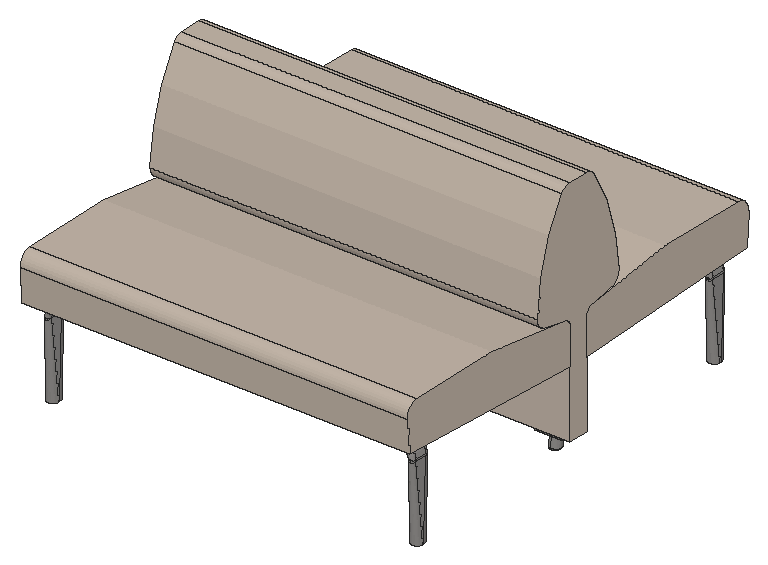
Revit family "FU_Modular_Sandler_Ambit 1065", category Furniture, Revit 2020
Family settings
  OmniClass Number = 23.40.20.00
  OmniClass Title = General Furniture and Specialties
  Work Plane-Based = No
  Always vertical = Yes
  Cut with Voids When Loaded = No
  Shared = No
  Room Calculation Point = No
Parameters (values of type "Ambit 1065")
  Width = 1200 mm
  URL = "https://www.sandlerseating.com/product/ambit-1065/"
  Seat [instance] = Fabric - Gravity - Wheat CPC21
  Model = "Ambit 1065"
  Manufacturer = "Sandler"
  Height = 770 mm
  Frame [instance] = Metal - Paint -AL VR - Pewter
  Description = "Modular seating system. Upholstered seat and back, with feet in cast aluminium."
  Depth = 1320 mm
  Default Elevation = 0 mm
  Back [instance] = Fabric - Gravity - Wheat CPC21
Reference planes
  plane 1 "Center (Front/Back)": y = 0
  plane 2: z = 0
  plane 3 "Center (Left/Right)": x = 0
  plane 4 "Right": x = -600
  plane 5 "Left": x = 600
  plane 6 "Back": y = 660
  plane 7 "Front": y = -660
  plane 8 "Height": z = 770
  plane 9 "Seat height": z = 430
Dimensions and locks
  equal spacing: plane 4 "Right", plane 3 "Center (Left/Right)", plane 5 "Left"
  "Width": plane 4 "Right" to plane 5 "Left"
  equal spacing: plane 6 "Back", plane 1 "Center (Front/Back)", plane 7 "Front"
  "Depth": plane 6 "Back" to plane 7 "Front"
  "Height": plane 8 "Height" to level
  plane 9 "Seat height" to level = 430 mm
  aligned and locked: level to plane 2
Nested families
  nested 1: "Ambit DoubleBack" at (0, 0, 0), Back <- "Back", Frame <- "Frame", type "1200mm Double Back"
    with Frame Metal - Paint -AL VR - Pewter, Back Fabric - Gravity - Wheat CPC21
  nested 2: "Ambit Seat" at (0, -310, 0), Frame <- "Frame", Seat <- "Seat", type "Seat 1200mm"
    with Seat Fabric - Gravity - Wheat CPC21, Frame Metal - Paint -AL VR - Pewter
  nested 3: "Ambit Seat" at (0, 310, 0), Frame <- "Frame", Seat <- "Seat", type "Seat 1200mm"
    with Seat Fabric - Gravity - Wheat CPC21, Frame Metal - Paint -AL VR - Pewter
Definition of nested family "Ambit DoubleBack"
  Parameters (values of type "1200mm Double Back")
    Width = 1200 mm
    Height = 770 mm
    Frame [instance] = none
    Depth = 320 mm
    Default Elevation = 0 mm
    Back [instance] = none
  Types (3, lengths in mm): name | Width
    (no name) | 1200
    800mm Double Back | 800
    1200mm Double Back | 1200
  Reference planes
    plane 1 "Center (Front/Back)": y = 0
    plane 2: z = 0
    plane 3 "Center (Left/Right)": x = 0
    plane 4 "Right": x = -600
    plane 5 "Left": x = 600
    plane 6 "Back": y = 160
    plane 7 "Front": y = -160
    plane 8 "Height": z = 770
    plane 9 "Seat height": z = 430
    plane 10 "Back Foot Right": x = -530.534
    plane 11 "Back Foot Left": x = 530.534
  Forms (mm)
    Revolve 1, solid, material <- "Frame"
      sketch origin (-530.534, 0, 0) x (0, 0, 1) y (0, -1, 0)
        loop
          line (40.637, 14.262) -> (2.1, 17.115)
          arc (2.1, 17.115) -> (0.817, 16.784) -> (0, 15.742) r 2.065
          line (0, 15.742) -> (0, -0.276) -> (48.022, -0.276) -> (48.022, 19.244) -> (46.076, 19.244)
          arc (46.076, 19.244) -> (44.432, 15.579) -> (40.637, 14.262) r 5.065
        axis (48.022, -0.276) -> (0, -0.276)
      angle from 0 to 360
    Extrusion 2, solid, material <- "Frame"
      sketch origin (-0.482, -318.685, 51.603) x (0, -1, 0) y (1, 0, 0)
        loop
          arc (-347.852, 490.046) -> (-347.258, 488.613) -> (-345.824, 488.019) r 2.027
          line (-345.824, 488.019) -> (-291.875, 488.019)
          arc (-291.875, 488.019) -> (-290.444, 488.611) -> (-289.852, 490.042) r 2.023
          line (-289.852, 490.042) -> (-289.852, 572.037)
          arc (-289.852, 572.037) -> (-290.431, 573.436) -> (-291.83, 574.016) r 1.978
          line (-291.83, 574.016) -> (-345.837, 574.016)
          arc (-345.837, 574.016) -> (-347.262, 573.426) -> (-347.852, 572.001) r 2.015
          line (-347.852, 572.001) -> (-347.852, 490.046)
      from -5.528 to 0
    Revolve 3, solid, material <- "Frame"
      sketch origin (530.534, 0, 0) x (0, 0, 1) y (0, -1, 0)
        loop
          line (40.637, 14.262) -> (2.1, 17.115)
          arc (2.1, 17.115) -> (0.817, 16.784) -> (0, 15.742) r 2.065
          line (0, 15.742) -> (0, -0.276) -> (48.022, -0.276) -> (48.022, 19.244) -> (46.076, 19.244)
          arc (46.076, 19.244) -> (44.432, 15.579) -> (40.637, 14.262) r 5.065
        axis (48.022, -0.276) -> (0, -0.276)
      angle from 0 to 360
    Extrusion 4, solid, material <- "Frame"
      sketch origin (0.482, -318.685, 51.603) x (0, -1, 0) y (1, 0, 0)
        loop
          line (-347.852, -490.046) -> (-347.852, -572.001)
          arc (-347.852, -572.001) -> (-347.262, -573.426) -> (-345.837, -574.016) r 2.015
          line (-345.837, -574.016) -> (-291.83, -574.016)
          arc (-291.83, -574.016) -> (-290.431, -573.436) -> (-289.852, -572.037) r 1.978
          line (-289.852, -572.037) -> (-289.852, -490.042)
          arc (-289.852, -490.042) -> (-290.444, -488.611) -> (-291.875, -488.019) r 2.023
          line (-291.875, -488.019) -> (-345.824, -488.019)
          arc (-345.824, -488.019) -> (-347.258, -488.613) -> (-347.852, -490.046) r 2.027
      from -5.528 to 0
    Extrusion 5, solid, material <- "Back"
      sketch origin (0, 0, 0) x (0, 1, 0) y (0, 0, 1)
        loop
          line (-33, 51.603) -> (33, 51.603) -> (33, 376.265)
          arc (33, 376.265) -> (37.75, 387.916) -> (48.518, 394.425) r 20
          arc (48.518, 394.425) -> (88.097, 402.963) -> (127.858, 410.609) r 1800.168
          arc (127.858, 410.609) -> (148.84, 423.03) -> (156.619, 446.139) r 35
          arc (156.619, 446.139) -> (130.105, 606.219) -> (62.425, 753.69) r 611.524
          arc (62.425, 753.69) -> (49.728, 765.652) -> (32.833, 770) r 35
          line (32.833, 770) -> (-32.833, 770)
          arc (-32.833, 770) -> (-49.728, 765.652) -> (-62.425, 753.69) r 35
          arc (-62.425, 753.69) -> (-130.105, 606.219) -> (-156.619, 446.139) r 611.524
          arc (-156.619, 446.139) -> (-148.84, 423.03) -> (-127.858, 410.609) r 35
          arc (-127.858, 410.609) -> (-88.097, 402.963) -> (-48.518, 394.425) r 1800.168
          arc (-48.518, 394.425) -> (-37.75, 387.916) -> (-33, 376.265) r 20
          line (-33, 376.265) -> (-33, 51.603)
      from -600 to 600
  Dimensions and locks
    equal spacing: plane 4 "Right", plane 3 "Center (Left/Right)", plane 5 "Left"
    "Width": plane 4 "Right" to plane 5 "Left"
    equal spacing: plane 6 "Back", plane 1 "Center (Front/Back)", plane 7 "Front"
    "Depth": plane 6 "Back" to plane 7 "Front"
    "Height": plane 8 "Height" to level
    plane 9 "Seat height" to level = 430 mm
    locked: plane 4 "Right" to plane 10 "Back Foot Right" at 69.466
    locked: plane 11 "Back Foot Left" to plane 5 "Left" at 69.466
    aligned and locked: level to plane 2
    aligned and locked: plane 4 "Right" to Extrusion 5
    aligned and locked: Extrusion 5 to plane 5 "Left"
  Automatic sketch dimensions
    plane 5 "Left" to Extrusion 2 sketch curve = 110.435 mm
    Extrusion 2 sketch curve to plane 6 "Back" = 130.833 mm
    Extrusion 2 sketch curve to Extrusion 2 sketch curve = 2.015 mm
    Extrusion 2 sketch curve to Extrusion 2 sketch curve = 2.027 mm
    Extrusion 2 sketch curve to Extrusion 2 sketch curve = 53.95 mm
    Extrusion 2 sketch curve to Extrusion 2 sketch curve = 54.007 mm
    Extrusion 2 sketch curve to Extrusion 2 sketch curve = 2.023 mm
    plane 5 "Left" to Extrusion 2 sketch curve = 28.481 mm
    Extrusion 4 sketch curve to plane 4 "Right" = 110.435 mm
    Extrusion 4 sketch curve to plane 6 "Back" = 130.833 mm
    Extrusion 4 sketch curve to Extrusion 4 sketch curve = 2.015 mm
    Extrusion 4 sketch curve to Extrusion 4 sketch curve = 2.027 mm
    Extrusion 4 sketch curve to Extrusion 4 sketch curve = 53.95 mm
    Extrusion 4 sketch curve to Extrusion 4 sketch curve = 54.007 mm
    Extrusion 4 sketch curve to Extrusion 4 sketch curve = 2.023 mm
    Extrusion 4 sketch curve to plane 4 "Right" = 28.481 mm
    Extrusion 5 sketch curve to plane 8 "Height" = 0 mm
    Extrusion 5 sketch curve to plane 7 "Front" = 287.893 mm
    Extrusion 5 sketch curve to plane 9 "Seat height" = 2.863 mm  (x2)
    Extrusion 5 sketch curve to plane 7 "Front" = 294.609 mm
    plane 9 "Seat height" to Extrusion 5 sketch curve = 15.052 mm  (x2)
    plane 7 "Front" to Extrusion 5 sketch curve = 38.364 mm
    plane 1 "Center (Front/Back)" to Extrusion 5 sketch curve = 52.955 mm
    plane 1 "Center (Front/Back)" to Extrusion 5 sketch curve = 33 mm
    plane 1 "Center (Front/Back)" to Extrusion 5 sketch curve = 32.833 mm
    Extrusion 5 sketch curve to plane 1 "Center (Front/Back)" = 32.833 mm
    Extrusion 5 sketch curve to plane 1 "Center (Front/Back)" = 33 mm
    Extrusion 5 sketch curve to Extrusion 5 sketch curve = 19.955 mm
    Extrusion 5 sketch curve to plane 6 "Back" = 38.364 mm
    plane 6 "Back" to Extrusion 5 sketch curve = 294.609 mm
    plane 6 "Back" to Extrusion 5 sketch curve = 287.893 mm
    Extrusion 5 sketch curve to plane 9 "Seat height" = 53.735 mm  (x2)
    Extrusion 5 sketch curve to Extrusion 5 sketch curve = 1.342 mm  (x2)
    level to Extrusion 5 sketch curve = 51.603 mm
    Extrusion 5 sketch curve to level = 1360.883 mm
    Extrusion 5 sketch curve to Extrusion 5 sketch curve = 0 mm  (x6)
    Extrusion 5 sketch curve to Extrusion 5 sketch curve = 35 mm  (x2)
    plane 7 "Front" to Extrusion 5 sketch curve = 3.381 mm
    Revolve 3 sketch curve to level = 0 mm
    Revolve 3 sketch curve to level = 1.947 mm
    Revolve 3 sketch curve to Revolve 3 sketch curve = 0.152 mm
    Revolve 3 sketch curve to plane 1 "Center (Front/Back)" = 14.262 mm
    Revolve 3 sketch curve to Revolve 3 sketch curve = 38.537 mm
    Revolve 3 sketch curve to Revolve 3 sketch curve = 0.374 mm
    Revolve 3 sketch curve to Revolve 3 sketch curve = 5.064 mm
    plane 1 "Center (Front/Back)" to Revolve 3 sketch curve = 0.276 mm  (x2)
    Revolve 3 sketch curve to Revolve 3 sketch curve = 7.385 mm
    Revolve 3 sketch curve to plane 1 "Center (Front/Back)" = 15.056 mm
    Revolve 3 sketch curve to Revolve 3 sketch curve = 0.686 mm
    Revolve 3 sketch curve to Revolve 3 sketch curve = 4.982 mm
    level to Revolve 3 sketch curve = 4.899 mm
    Revolve 3 sketch curve to Revolve 3 sketch curve = 5 mm
    Revolve 1 sketch curve to level = 0 mm
    level to Revolve 1 sketch curve = 1.947 mm
    Revolve 1 sketch curve to Revolve 1 sketch curve = 0.152 mm
    plane 1 "Center (Front/Back)" to Revolve 1 sketch curve = 14.262 mm
    Revolve 1 sketch curve to Revolve 1 sketch curve = 38.537 mm
    Revolve 1 sketch curve to Revolve 1 sketch curve = 0.374 mm
    Revolve 1 sketch curve to Revolve 1 sketch curve = 5.064 mm
    Revolve 1 sketch curve to plane 1 "Center (Front/Back)" = 0.276 mm  (x2)
    Revolve 1 sketch curve to Revolve 1 sketch curve = 7.385 mm
    plane 1 "Center (Front/Back)" to Revolve 1 sketch curve = 15.056 mm
    Revolve 1 sketch curve to Revolve 1 sketch curve = 0.686 mm
    Revolve 1 sketch curve to Revolve 1 sketch curve = 4.982 mm
    Revolve 1 sketch curve to level = 4.899 mm
    Revolve 1 sketch curve to Revolve 1 sketch curve = 5 mm
Definition of nested family "Ambit Seat"
  Parameters (values of type "Seat 800mm")
    Width = 800 mm
    URL = ""
    Seat [instance] = none
    Model = ""
    Manufacturer = ""
    Height = 770 mm
    Frame [instance] = none
    Description = "Modular seating system."
    Depth = 700 mm
    Default Elevation = 0 mm
  Types (3, lengths in mm): name | Width
    (no name) | 800
    Seat 800mm | 800
    Seat 1200mm | 1200
  Reference planes
    plane 1 "Center (Front/Back)": y = 0
    plane 2: z = 0
    plane 3 "Center (Left/Right)": x = 0
    plane 4 "Right": x = -400
    plane 5 "Left": x = 400
    plane 6 "Back": y = 350
    plane 7 "Front": y = -350
    plane 8 "Height": z = 770
    plane 9 "Seat height": z = 430
    plane 10 "FFT C RIGHT": z = 285.404
    plane 11 "Frame Left": x = -364
    plane 12 "Frame Right": x = 364
  Forms (mm)
    SweptBlend 1, solid, material <- "Frame"
      path origin (0, -265.648, 0) x (0, 0, -1) y (1, 0, 0)
        loop
          line (0, 364.075) -> (-239.72, 364.075)
      profile "Pro_Ambit_FFoot : Pro_Ambit_FFoot" origin (364.075, -265.648, 0) x (-1, 0, 0) y (0, -1, 0)
        loop
          arc (17.452, 3.305) -> (0, 20.142) -> (-17.452, 3.305) r 17.463
          line (-17.452, 3.305) -> (-17.452, -3.305)
          arc (-17.452, -3.305) -> (0, -20.142) -> (17.452, -3.305) r 17.463
          line (17.452, -3.305) -> (17.452, 3.305)
      end profile "Pro_Ambit_FF : Pro_Ambit_FF" origin (364.075, -265.648, 239.72) x (-1, 0, 0) y (0, -1, 0)
        loop
          arc (-10, -20.066) -> (0, -30.066) -> (10, -20.066) r 10
          line (10, -20.066) -> (10, 20.066)
          arc (10, 20.066) -> (0, 30.066) -> (-10, 20.066) r 10
          line (-10, 20.066) -> (-10, -20.066)
    Sweep 2, solid, material <- "Frame"
      path origin (0, -265.648, 0) x (0, 0, -1) y (1, 0, 0)
        loop
          line (-234.72, -364.14) -> (-239.72, -364.14)
          arc (-239.72, -364.14) -> (-272.419, -345.952) -> (-285.404, -310.86) r 53.912
          line (-285.404, -310.86) -> (-285.404, 310.86)
          arc (-285.404, 310.86) -> (-272.419, 345.952) -> (-239.72, 364.14) r 53.912
          line (-239.72, 364.14) -> (-234.72, 364.14)
      profile "Pro_Ambit_FF : Pro_Ambit_FF" origin (0, -265.648, 285.404) x (0, 0, 1) y (0, -1, 0)
        loop
          arc (-10, -20.066) -> (0, -30.066) -> (10, -20.066) r 10
          line (10, -20.066) -> (10, 20.066)
          arc (10, 20.066) -> (0, 30.066) -> (-10, 20.066) r 10
          line (-10, 20.066) -> (-10, -20.066)
    SweptBlend 3, solid, material <- "Frame"
      path origin (0, -265.648, 0) x (0, 0, -1) y (-1, 0, 0)
        loop
          line (0, 364.075) -> (-239.72, 364.075)
      profile "Pro_Ambit_FFoot : Pro_Ambit_FFoot" origin (-364.075, -265.648, 0) x (-1, 0, 0) y (0, -1, 0)
        loop
          line (-17.452, 3.305) -> (-17.452, -3.305)
          arc (-17.452, -3.305) -> (0, -20.142) -> (17.452, -3.305) r 17.463
          line (17.452, -3.305) -> (17.452, 3.305)
          arc (17.452, 3.305) -> (0, 20.142) -> (-17.452, 3.305) r 17.463
      end profile "Pro_Ambit_FF : Pro_Ambit_FF" origin (-364.075, -265.648, 239.72) x (-1, 0, 0) y (0, -1, 0)
        loop
          line (-10, 20.066) -> (-10, -20.066)
          arc (-10, -20.066) -> (0, -30.066) -> (10, -20.066) r 10
          line (10, -20.066) -> (10, 20.066)
          arc (10, 20.066) -> (0, 30.066) -> (-10, 20.066) r 10
    Extrusion 4, solid, material <- "Seat"
      sketch origin (-400, 0, 0) x (0, -1, 0) y (0, 0, 1)
        loop
          line (343.115, 289.761) -> (350.038, 388.028)
          arc (350.038, 388.028) -> (340.698, 416.645) -> (314.05, 430.647) r 40
          arc (314.05, 430.647) -> (24.831, 435.731) -> (-261.468, 394.425) r 1800.168
          arc (-261.468, 394.425) -> (-272.664, 387.398) -> (-277.031, 374.923) r 20
          line (-277.031, 374.923) -> (-277.031, 260.098) -> (343.115, 289.761)
      from -800 to 0
  Dimensions and locks
    equal spacing: plane 4 "Right", plane 3 "Center (Left/Right)", plane 5 "Left"
    "Width": plane 4 "Right" to plane 5 "Left"
    equal spacing: plane 6 "Back", plane 1 "Center (Front/Back)", plane 7 "Front"
    "Depth": plane 6 "Back" to plane 7 "Front"
    "Height": plane 8 "Height" to level
    plane 9 "Seat height" to level = 430 mm
    locked: plane 4 "Right" to plane 11 "Frame Left" at 36
    locked: plane 12 "Frame Right" to plane 5 "Left" at 36
    aligned and locked: level to plane 2
    aligned and locked: plane 4 "Right" to Extrusion 4
    aligned and locked: Extrusion 4 to plane 5 "Left"
  Automatic sketch dimensions
    SweptBlend 1 sketch curve to level = 0 mm
    SweptBlend 1 sketch curve to plane 10 "FFT C RIGHT" = 45.683 mm
    Sweep 2 sketch curve to plane 10 "FFT C RIGHT" = 0 mm
    Sweep 2 sketch curve to plane 10 "FFT C RIGHT" = 45.683 mm  (x2)
    Sweep 2 sketch curve to plane 10 "FFT C RIGHT" = 53.912 mm  (x2)
    Sweep 2 sketch curve to plane 4 "Right" = 89.14 mm
    Sweep 2 sketch curve to Sweep 2 sketch curve = 5 mm  (x2)
    SweptBlend 3 sketch curve to level = 0 mm
    plane 4 "Right" to SweptBlend 3 sketch curve = 35.925 mm
    plane 10 "FFT C RIGHT" to SweptBlend 3 sketch curve = 45.683 mm
    Extrusion 4 sketch curve to Extrusion 4 sketch curve = 20 mm
    plane 7 "Front" to Extrusion 4 sketch curve = 39.864 mm
    plane 7 "Front" to Extrusion 4 sketch curve = 6.885 mm
    Extrusion 4 sketch curve to plane 7 "Front" = 0.038 mm
    Extrusion 4 sketch curve to level = 1360.883 mm
    Extrusion 4 sketch curve to plane 10 "FFT C RIGHT" = 25.306 mm
    plane 10 "FFT C RIGHT" to Extrusion 4 sketch curve = 4.357 mm
    Extrusion 4 sketch curve to plane 9 "Seat height" = 55.077 mm
    Extrusion 4 sketch curve to plane 9 "Seat height" = 41.972 mm
    Extrusion 4 sketch curve to plane 9 "Seat height" = 39.161 mm
    Extrusion 4 sketch curve to Extrusion 4 sketch curve = 0 mm
    plane 5 "Left" to SweptBlend 1 sketch curve = 35.925 mm
    plane 5 "Left" to Sweep 2 sketch curve = 89.14 mm
    Extrusion 4 sketch curve to plane 6 "Back" = 92.969 mm
    plane 1 "Center (Front/Back)" to Extrusion 4 sketch curve = 137.907 mm
